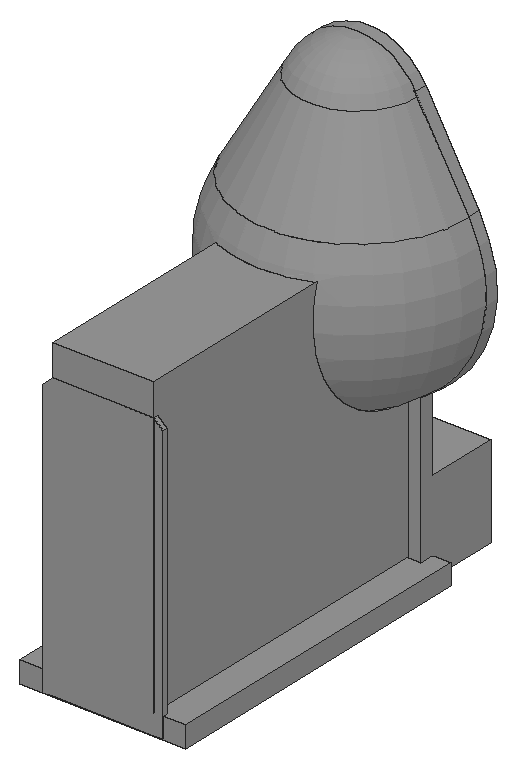
Revit family "Toilet-Willoughby-1490-HET-ETW-FM-BS-HC", category Plumbing Fixtures, host Face, Revit 2014
Parameters (values of type "Standard")
  Waste DIA = 2 1/4"
  Waste Connection = yes
  Vent Connection = no
  URL = "www.willoughby-ind.com"
  Type Comments = "Blowout Series"
  Revision = "A"
  Model = "ETW-1490-HET-FM-BS-HC"
  Manufacturer = "Willoughby Industries"
  HW Connection = no
  Flush Inlet DIA = 1 1/2"
  Flush Inlet Connection = yes
  Fixture Body = Stainless Steel AISI 304-Willoughby
  Description = "High Efficiency  HandicapToilet"
  Default Elevation = 0' - 0"
  Contact = "(800) 428-4065"
  CW Connection = no
Reference planes (in)
  plane 1 "Center (Front/Back)": y = 0
  plane 2: z = 0
  plane 3 "Center (Left/Right)": x = 0
  plane 4 "Seat HGT": y = 18
  plane 5 "Top": y = 19
  plane 6: y = 17.25
  plane 7: z = 18.5
  plane 8: z = 14.933
  plane 9: x = 3.25
  plane 10: x = -3.25
  plane 11: z = 15.30775
  plane 12: x = 7
  plane 13: z = 18.24525
  plane 14: z = 8
  plane 15: z = 10
  plane 16 "Waste HGT": y = 14.5
  plane 17 "Flush HGT": y = 19.75
  plane 18: x = 2.75
  plane 19: x = -2.75
  plane 20: z = 25.75
  plane 21: x = 4.5
  plane 22: x = -4.5
  plane 23: z = 1.125
  plane 24: z = -3
  plane 25: y = 22
Forms (in)
  Extrusion 1, solid, material "Stainless Steel AISI 304-Willoughby" <- "Fixture Body"
    sketch origin (0, 0, 0) x (1, 0, 0) y (0, 1, 0)
      loop
        line (-4.5, 0) -> (4.5, 0) -> (4.5, 18) -> (-4.5, 18) -> (-4.5, 0)
    from 0 to 1.125
  Revolve 2, solid, material "Stainless Steel AISI 304-Willoughby" <- "Fixture Body"
    sketch origin (-60, 17.25, 55.20755) x (-1, 0, 0) y (0, 0, 1)
      loop
        line (-60, -46.89981) -> (-60, -46.39981)
        arc (-60, -46.39981) -> (-65.42136, -42.59037) -> (-65.23755, -35.96698) r 7
        line (-65.23755, -35.96698) -> (-62.80388, -31.72393) -> (-62.74416, -31.59711)
        arc (-62.74416, -31.59711) -> (-61.61332, -30.35842) -> (-60, -29.89981) r 3.067
        line (-60, -29.89981) -> (-60, -29.39981)
        arc (-60, -29.39981) -> (-61.93389, -29.96955) -> (-63.25, -31.49678) r 3.567
        line (-63.25, -31.49678) -> (-66.0721, -36.41706)
        arc (-66.0721, -36.41706) -> (-66.0572, -43.40842) -> (-60, -46.89981) r 7
      axis (-60, -29.39981) -> (-60, -46.89981)
    angle from 0 to 180
  Extrusion 3, solid, material "Stainless Steel AISI 304-Willoughby" <- "Fixture Body"
    sketch origin (0, 0, 7.20755) x (1, 0, 0) y (0, 0, 1)
      loop
        line (-3.5, 1.93865) -> (-3.5, -6.08255) -> (3.5, -6.08255) -> (3.5, 1.93865)
        arc (3.5, 1.93865) -> (6.77318, 6.23534) -> (6.01269, 11.58294) r 6.99928
        line (6.01269, 11.58294) -> (3.14932, 16.69649)
        arc (3.14932, 16.69649) -> (-0.10896, 18.5408) -> (-3.25, 16.50322) r 3.60945
        line (-3.25, 16.50322) -> (-6.10166, 11.42924)
        arc (-6.10166, 11.42924) -> (-6.75024, 6.14955) -> (-3.5, 1.93865) r 6.99928
      loop
        arc (-4.17861, 9.875) -> (0, 3.42) -> (4.17861, 9.875) r 4.58
        line (4.17861, 9.875) -> (1.45817, 16.45616)
        arc (1.45817, 16.45616) -> (-0.05754, 17.35793) -> (-1.5058, 16.35139) r 1.629
        line (-1.5058, 16.35139) -> (-4.17861, 9.875)
    from -18 to -17.25
  Extrusion 4, solid, material "Stainless Steel AISI 304-Willoughby" <- "Fixture Body"
    sketch origin (0, 0, 7.20827) x (0, 1, 0) y (0, 0, 1)
      loop
        line (0, 10) -> (0, -6.20827) -> (17.25, -6.20827) -> (17.25, 1.50333)
        arc (17.25, 1.50333) -> (12.13093, 4.2568) -> (11.23533, 10) r 6.52933
        line (11.23533, 10) -> (0, 10)
    from 2.75 to -2.75
  Revolve 5, solid, material "Stainless Steel AISI 304-Willoughby" <- "Fixture Body"
    sketch origin (0, 19.75, -24) x (0, 0, -1) y (-1, 0, 0)
      loop
        line (-21, 0) -> (-21, 0.75) -> (-25, 0.75) -> (-25, 0) -> (-21, 0)
      axis (-25, 0) -> (-21, 0)
    angle from 0 to 360
  Revolve 6, solid, material "Stainless Steel AISI 304-Willoughby" <- "Fixture Body"
    sketch origin (0, 14.5, -24) x (0, 0, -1) y (-1, 0, 0)
      loop
        line (-25, 0) -> (-21, 0) -> (-21, 1.125) -> (-25, 1.125) -> (-25, 0)
      axis (-25, 0) -> (-21, 0)
    angle from 0 to 360
  Extrusion 7, solid, material "Stainless Steel AISI 304-Willoughby" <- "Fixture Body"
    sketch origin (0, 0, 0) x (1, 0, 0) y (0, 0, 1)
      loop
        line (3.5, 0) -> (3.5, 5) -> (-3.5, 5) -> (-3.5, 0) -> (3.5, 0)
    from -18 to -22
  Extrusion 8, solid, material "Stainless Steel AISI 304-Willoughby" <- "Fixture Body"
    sketch origin (0, 0, 0) x (1, 0, 0) y (0, 0, 1)
      loop
        line (2.75, 0) -> (3.25, 0) -> (3.25, 15) -> (2.75, 15.5) -> (-2.75, 15.5) -> (-3.25, 15) -> (-3.25, 0) -> (-2.75, 0) -> (2.75, 0)
    from 0 to -0.25
Cuts and joins
  joined: Extrusion 1, Revolve 2, Extrusion 4
  joined: Extrusion 3, Extrusion 7
Lines and regions (in)
  symbolic lines
    curve 1: line (-6.99928, 17.25, 0) -> (-6.99928, 18, 0)
    curve 2: line (-6.99928, 18, 0) -> (6.99928, 18, 0)
    curve 3: line (6.99928, 18, 0) -> (6.99928, 17.25, 0)
    curve 4: arc (6.99928, 17.25, 0) -> (5.84117, 13.39339, 0) -> (2.75, 10.8128, 0) r 7.00046
    curve 5: arc (2.75, 11.09976, 0) -> (0, 10.54806, 0) -> (-2.75, 11.09976, 0) r 7.12977
    curve 6: line (-2.75, 11.09976, 0) -> (-2.75, 0, 0)
    curve 7: line (-2.75, 0, 0) -> (2.75, 0, 0)
    curve 8: line (2.75, 0, 0) -> (4.5, 0, 0)
    curve 9: line (3.25, 0, 0) -> (3.25, 0.25, 0)
    curve 10: line (3.25, 0.25, 0) -> (2.75, 0.25, 0)
    curve 11: line (2.75, 0.25, 0) -> (2.75, 11.09976, 0)
    curve 12: line (-2.75, 0, 0) -> (-4.5, 0, 0)
    curve 13: line (4.5, 11.88848, 0) -> (4.5, 0, 0)
    curve 14: line (-3.25, 0, 0) -> (-3.25, 0.25, 0)
    curve 15: line (-3.25, 0.25, 0) -> (-2.75, 0.25, 0)
    curve 16: line (-4.5, 0, 0) -> (-4.5, 11.87854, 0)
    curve 17: arc (-2.75, 10.75, 0) -> (-5.84271, 13.36714, 0) -> (-6.99928, 17.25, 0) r 7.09607
    curve 18: line (-3.5, 18, 0) -> (-3.5, 22, 0)
    curve 19: line (-3.5, 22, 0) -> (3.5, 22, 0)
    curve 20: line (3.5, 22, 0) -> (3.5, 18, 0)
    curve 21: line (-3.5, 0, 9.1462) -> (-3.5, 0, 1.125)
    curve 22: line (-3.5, 0, 1.125) -> (-4.5, 0, 1.125)
    curve 23: line (-4.5, 0, 1.125) -> (-4.5, 0, 0)
    curve 24: line (-4.5, 0, 0) -> (4.5, 0, 0)
    curve 25: line (4.5, 0, 0) -> (4.5, 0, 1.125)
    curve 26: line (4.5, 0, 1.125) -> (3.5, 0, 1.125)
    curve 27: line (3.5, 0, 1.125) -> (3.5, 0, 9.1462)
    curve 28: arc (3.5, 0, 9.1462) -> (6.8012, 0, 13.43559) -> (6.01269, 0, 18.7905) r 6.93212
    curve 29: line (6.01269, 0, 18.7905) -> (3.14932, 0, 23.90404)
    curve 30: arc (3.14932, 0, 23.90404) -> (1.82616, 0, 25.27195) -> (0, 0, 25.80775) r 3.72503
    curve 31: arc (0, 0, 25.80775) -> (-1.94938, 0, 25.26201) -> (-3.25, 0, 23.71078) r 3.42456
    curve 32: line (-3.25, 0, 23.71078) -> (-6.0721, 0, 18.7905)
    curve 33: arc (-6.0721, 0, 18.7905) -> (-6.77213, 0, 13.43867) -> (-3.5, 0, 9.1462) r 7.08639
    curve 40: line (0, 11.09976, 17.20827) -> (0, 0, 17.20827)
    curve 41: line (0, 0, 17.20827) -> (0, 0, 0)
    curve 42: line (0, 0, 0) -> (0, 22, 0)
    curve 43: line (0, 22, 0) -> (0, 22, 5)
    curve 44: line (0, 22, 5) -> (0, 18, 5)
    curve 45: line (0, 18, 5) -> (0, 18, 25.75)
    curve 46: line (0, 18, 25.75) -> (0, 17.25, 25.80775)
    curve 47: arc (0, 17.25, 25.80775) -> (0, 15.38851, 25.12579) -> (0, 14, 23.71078) r 4.50502
    curve 48: line (0, 14, 23.71078) -> (0, 11.1758, 18.81911)
    curve 49: arc (0, 11.1758, 18.81911) -> (0, 10.79407, 18.03645) -> (0, 10.52497, 17.20827) r 6.24168
    curve 50: arc (0, 11.09976, 17.20827) -> (0, 12.11322, 11.46762) -> (0, 17.25, 8.71161) r 6.67604
    curve 51: line (0, 18, 9.1462) -> (0, 17.25, 9.1462)
    curve 52: line (0, 17.25, 9.1462) -> (0, 17.25, 1.125)
    curve 53: line (0, 17.25, 1.125) -> (0, 0, 1.125)
    curve 54: line (0, 17.25, 1.125) -> (0, 18, 1.125)
    curve 55: line (0, 18, 1.125) -> (0, 18, 0)
  symbolic lines, detail levels fine
    curve 34: arc (1.5058, 0, 23.55895) -> (0.9059, 0, 24.29138) -> (0, 0, 24.5665) r 1.629
    curve 35: arc (0, 0, 24.5665) -> (-0.9059, 0, 24.29138) -> (-1.5058, 0, 23.55895) r 1.629
    curve 36: line (-1.5058, 0, 23.55895) -> (-4.17861, 0, 17.08255)
    curve 37: arc (-4.17861, 0, 17.08255) -> (0, 0, 10.62755) -> (4.17861, 0, 17.08255) r 4.58
    curve 38: line (4.17861, 0, 17.08255) -> (1.5058, 0, 23.55895)
  symbolic lines, detail levels medium+fine
    curve 39: line (3.5, 0, 5) -> (-3.5, 0, 5)
Dimensions and locks (in)
  equal spacing: plane 9, plane 3 "Center (Left/Right)", plane 10
  plane 9 to plane 10 = 0' - 6 1/2"
  host face to plane 11 = 1' - 3.30775"
  plane 7 to level = 1' - 6 1/2"
  plane 5 "Top" to plane 1 "Center (Front/Back)" = 1' - 7"
  plane 4 "Seat HGT" to plane 1 "Center (Front/Back)" = 1' - 6"
  plane 16 "Waste HGT" to plane 1 "Center (Front/Back)" = 1' - 2 1/2"
  plane 1 "Center (Front/Back)" to plane 16 "Waste HGT" = 1' - 2 1/2"
  plane 1 "Center (Front/Back)" to plane 17 "Flush HGT" = 1' - 7 3/4"
  plane 19 to plane 18 = 0' - 5 1/2"
  plane 6 to plane 1 "Center (Front/Back)" = 1' - 5 1/4"
  level to plane 20 = 2' - 1 3/4"
  plane 22 to plane 21 = 0' - 9"
  plane 1 "Center (Front/Back)" to plane 4 "Seat HGT" = 1' - 6"
  cut or joined group of Extrusion 3, Extrusion 7 to plane 1 "Center (Front/Back)" = 1' - 10"
  plane 1 "Center (Front/Back)" to plane 25 = 1' - 10"
  plane 22 to plane 3 "Center (Left/Right)" = 0' - 4 1/2"
  plane 25 to plane 1 "Center (Front/Back)" = 1' - 10"
  aligned and locked: plane 2 to host face
  aligned and locked: level to host face
  aligned and locked: plane 21 to Extrusion 1
  aligned and locked: Extrusion 1 to plane 22
  aligned and locked: plane 18 to Extrusion 4
  aligned and locked: Extrusion 4 to plane 19
  aligned and locked: Extrusion 7 to Extrusion 3
  aligned and locked: Extrusion 7 to level
  aligned and locked: Extrusion 3 to Extrusion 7
Automatic sketch dimensions
  host sketch curve to host sketch curve = 3' - 6.09429"
  host sketch curve to host sketch curve = 4' - 3.69331"
  Extrusion 1 sketch curve to plane 5 "Top" = 0' - 1"
  Extrusion 3 sketch curve to Extrusion 3 sketch curve = 0' - 0"  (x4)
  Extrusion 3 sketch curve to plane 10 = 0' - 0"
  Extrusion 3 sketch curve to plane 3 "Center (Left/Right)" = 0' - 0"  (x3)
  plane 14 to Extrusion 3 sketch curve = 0' - 7.20755"
  plane 8 to Extrusion 3 sketch curve = 0' - 7.20755"
  Extrusion 3 sketch curve to plane 10 = 0' - 0 1/4"
  Extrusion 3 sketch curve to plane 10 = 0' - 0.92861"
  Extrusion 3 sketch curve to plane 3 "Center (Left/Right)" = 0' - 1.5058"
  plane 3 "Center (Left/Right)" to Extrusion 3 sketch curve = 0' - 1.45817"
  Extrusion 3 sketch curve to plane 9 = 0' - 0.10068"
  plane 9 to Extrusion 3 sketch curve = 0' - 0 1/4"
  plane 9 to Extrusion 3 sketch curve = 0' - 0.92861"
  level to Extrusion 3 sketch curve = 0' - 9.1462"  (x2)
  plane 14 to Extrusion 3 sketch curve = 0' - 9.08255"
  Extrusion 3 sketch curve to Extrusion 3 sketch curve = 0' - 0.79695"
  plane 8 to Extrusion 3 sketch curve = 0' - 8.62595"
  plane 8 to Extrusion 3 sketch curve = 0' - 8.77778"
  Extrusion 3 sketch curve to Extrusion 3 sketch curve = 0' - 8.0212"
  plane 15 to Extrusion 4 sketch curve = 0' - 7.20827"
  Extrusion 4 sketch curve to plane 6 = 0' - 0"
  plane 6 to Extrusion 4 sketch curve = 0' - 0.21015"
  plane 14 to Extrusion 4 sketch curve = 0' - 7.23755"
  level to Extrusion 4 sketch curve = 0' - 1"
  Extrusion 4 sketch curve to plane 6 = 0' - 6.01467"
  Revolve 2 sketch curve to Revolve 2 sketch curve = 0' - 0"  (x3)
  Revolve 2 sketch curve to plane 9 = 0' - 0"
  Revolve 2 sketch curve to plane 3 "Center (Left/Right)" = 0' - 0"  (x3)
  Revolve 2 sketch curve to plane 11 = 0' - 0"
  Revolve 2 sketch curve to plane 9 = 0' - 0.44612"
  Revolve 2 sketch curve to Revolve 2 sketch curve = 0' - 0.05972"
  plane 11 to Revolve 2 sketch curve = 0' - 0.45007"
  Revolve 2 sketch curve to plane 3 "Center (Left/Right)" = 0' - 0.83455"
  level to Revolve 2 sketch curve = 0' - 8.80775"
  Revolve 2 sketch curve to Revolve 2 sketch curve = 0' - 0 1/2"
  plane 8 to Revolve 2 sketch curve = 0' - 7.30775"
  plane 8 to Revolve 2 sketch curve = 0' - 8.55063"
  Revolve 2 sketch curve to Revolve 2 sketch curve = 0' - 0.12681"
  Revolve 2 sketch curve to Revolve 2 sketch curve = 0' - 0.22715"
  Revolve 6 sketch curve to plane 3 "Center (Left/Right)" = 0' - 0"  (x2)
  level to Revolve 6 sketch curve = 0' - 1"
  Revolve 6 sketch curve to level = 0' - 3"
  Revolve 6 sketch curve to Revolve 6 sketch curve = 0' - 1 1/8"
  Revolve 6 sketch curve to Revolve 6 sketch curve = 0' - 0"
  Revolve 6 sketch curve to Revolve 6 sketch curve = 0' - 1 3/4"
  Revolve 5 sketch curve to plane 3 "Center (Left/Right)" = 0' - 0"  (x2)
  level to Revolve 5 sketch curve = 0' - 1"
  Revolve 5 sketch curve to plane 3 "Center (Left/Right)" = 0' - 0 3/4"
  Revolve 5 sketch curve to level = 0' - 3"
  Revolve 5 sketch curve to Revolve 5 sketch curve = 0' - 0"
  Revolve 5 sketch curve to Revolve 5 sketch curve = 0' - 1 1/2"
  Extrusion 1 sketch curve to plane 10 = 0' - 1 1/4"
  plane 7 to Extrusion 3 sketch curve = 0' - 0.13679"
  plane 9 to Extrusion 1 sketch curve = 0' - 1 1/4"
  plane 7 to Revolve 2 sketch curve = 0' - 0.74057"
  plane 7 to Revolve 2 sketch curve = 0' - 0.2905"
  plane 7 to Extrusion 3 sketch curve = 0' - 0.2905"
  Extrusion 7 sketch curve to level = 0' - 0"
  Extrusion 7 sketch curve to plane 10 = 0' - 0 1/4"
  plane 9 to Extrusion 7 sketch curve = 0' - 0 1/4"
  Extrusion 7 sketch curve to plane 14 = 0' - 3"
  plane 1 "Center (Front/Back)" to Extrusion 1 sketch curve = 0' - 0"
  Extrusion 4 sketch curve to plane 1 "Center (Front/Back)" = 0' - 0"
  Extrusion 8 sketch curve to plane 10 = 0' - 0"
  Extrusion 8 sketch curve to level = 0' - 0"
  plane 19 to Extrusion 8 sketch curve = 0' - 0"
  Extrusion 8 sketch curve to plane 19 = 0' - 0"
  Extrusion 8 sketch curve to plane 18 = 0' - 0"
  plane 18 to Extrusion 8 sketch curve = 0' - 0"
  plane 9 to Extrusion 8 sketch curve = 0' - 0"
  plane 8 to Extrusion 8 sketch curve = 0' - 0.067"  (x2)
  plane 8 to Extrusion 8 sketch curve = 0' - 0.567"
  curve 17 to plane 6 = 0' - 0"
  plane 1 "Center (Front/Back)" to curve 12 = 0' - 0"
  curve 12 to plane 22 = 0' - 0"
  curve 14 to plane 10 = 0' - 0"
  curve 7 to plane 19 = 0' - 0"
  curve 4 to plane 6 = 0' - 0"
  curve 5 to plane 3 "Center (Left/Right)" = 0' - 0"
  curve 11 to plane 18 = 0' - 0"
  curve 8 to plane 18 = 0' - 0"
  curve 9 to plane 9 = 0' - 0"
  curve 20 to plane 25 = 0' - 0"
  curve 20 to plane 4 "Seat HGT" = 0' - 0"
  curve 13 to plane 21 = 0' - 0"
  curve 1 to plane 22 = 0' - 2.49928"
  curve 19 to plane 10 = 0' - 0 1/4"
  curve 4 to plane 3 "Center (Left/Right)" = 0' - 0.00118"
  plane 3 "Center (Left/Right)" to curve 17 = 0' - 0.09679"
  plane 21 to curve 3 = 0' - 2.49928"
  curve 7 to curve 11 = 0' - 0 1/4"
  curve 14 to curve 14 = 0' - 0 1/4"
  curve 17 to curve 6 = 0' - 0.34976"
  curve 5 to plane 4 "Seat HGT" = 0' - 0.32217"
  plane 9 to curve 20 = 0' - 0 1/4"
  curve 5 to curve 16 = 0' - 0.77879"
  curve 34 to curve 35 = 0' - 0"
  curve 24 to level = 0' - 0"
  curve 24 to plane 22 = 0' - 0"
  curve 21 to plane 23 = 0' - 0"
  curve 31 to plane 10 = 0' - 0"
  curve 35 to plane 3 "Center (Left/Right)" = 0' - 0"
  curve 30 to plane 3 "Center (Left/Right)" = 0' - 0"
  curve 31 to plane 3 "Center (Left/Right)" = 0' - 0"
  curve 37 to plane 3 "Center (Left/Right)" = 0' - 0"
  curve 27 to plane 23 = 0' - 0"
  curve 24 to plane 21 = 0' - 0"
  plane 7 to curve 32 = 0' - 0.2905"
  curve 32 to plane 22 = 0' - 1.5721"
  plane 22 to curve 36 = 0' - 0.32139"
  plane 19 to curve 36 = 0' - 1.2442"
  curve 30 to plane 3 "Center (Left/Right)" = 0' - 0.10085"
  curve 31 to plane 3 "Center (Left/Right)" = 0' - 0.09271"
  plane 3 "Center (Left/Right)" to curve 33 = 0' - 0.07494"
  curve 33 to curve 28 = 0' - 0.01808"
  curve 38 to plane 18 = 0' - 1.2442"
  curve 29 to plane 9 = 0' - 0.10068"
  plane 9 to curve 27 = 0' - 0 1/4"
  curve 38 to plane 21 = 0' - 0.32139"
  plane 7 to curve 29 = 0' - 0.2905"
  plane 21 to curve 29 = 0' - 1.51269"
  curve 27 to plane 15 = 0' - 0.8538"
  curve 21 to plane 15 = 0' - 0.8538"
  curve 37 to curve 33 = 0' - 0.05721"
  curve 38 to plane 7 = 0' - 1.41745"
  plane 7 to curve 30 = 0' - 3.58408"
  curve 30 to curve 31 = 0' - 0.30035"
  curve 31 to curve 35 = 0' - 0.55306"
  curve 35 to curve 38 = 0' - 0.62145"
  curve 39 to plane 10 = 0' - 0 1/4"
  curve 39 to plane 14 = 0' - 3"
  curve 40 to plane 1 "Center (Front/Back)" = 0' - 0"
  curve 52 to plane 6 = 0' - 0"
  curve 47 to plane 6 = 0' - 0"
  curve 44 to plane 4 "Seat HGT" = 0' - 0"
  curve 55 to level = 0' - 0"
  curve 55 to plane 4 "Seat HGT" = 0' - 0"
  curve 43 to plane 25 = 0' - 0"
  curve 53 to plane 23 = 0' - 0"
  curve 46 to plane 20 = 0' - 0"
  curve 40 to plane 7 = 0' - 1.29173"
  curve 40 to plane 16 "Waste HGT" = 0' - 3.40024"
  plane 7 to curve 48 = 0' - 0.31911"
  curve 50 to curve 48 = 0' - 0.07604"
  curve 48 to plane 16 "Waste HGT" = 0' - 0 1/2"
  curve 49 to plane 6 = 0' - 0.66875"
  plane 6 to curve 50 = 0' - 0.27118"
  curve 47 to plane 4 "Seat HGT" = 0' - 0.16904"
  curve 44 to plane 14 = 0' - 3"
  curve 51 to plane 15 = 0' - 0.8538"
  plane 8 to curve 50 = 0' - 0.44914"
  plane 8 to curve 49 = 0' - 0.76527"
  plane 7 to curve 47 = 0' - 2.84035"
  curve 48 to plane 20 = 0' - 2.03922"
Connectors (in)
  piping at (0, 14.5, -3), diameter 2.25, driven by "Waste Connection", driven by "Waste DIA"
    settings: on Revolve 6, index 1, connector inside diameter 24", connector length 0' - 0", flow factor 0, pipe flow 0 GPM, pressure drop 0.00 psi, fitting loss kfactor 0, connector angle 0.00°, fixture units 0, engagement length 0' - 0", angle of deflection 0.00°, flow configuration 0, flow direction 2, fitting loss method 0, system type 16, joint type 0, gender type 0, connector reference index -1, connector utility 1, adjustable connector no, is connector primary yes, connector description "Toilet Waste"
  piping at (0, 19.75, -3), diameter 1.5, driven by "Flush Inlet Connection", driven by "Flush Inlet DIA"
    settings: on Revolve 5, index 2, connector inside diameter 24", connector length 0' - 0", flow factor 0, pipe flow 0 GPM, pressure drop 0.00 psi, fitting loss kfactor 0, connector angle 0.00°, fixture units 0, engagement length 0' - 0", angle of deflection 0.00°, flow configuration 0, flow direction 1, fitting loss method 0, system type 20, joint type 0, gender type 0, connector reference index -1, connector utility 1, adjustable connector no, is connector primary no, connector description "Flush Inlet"
